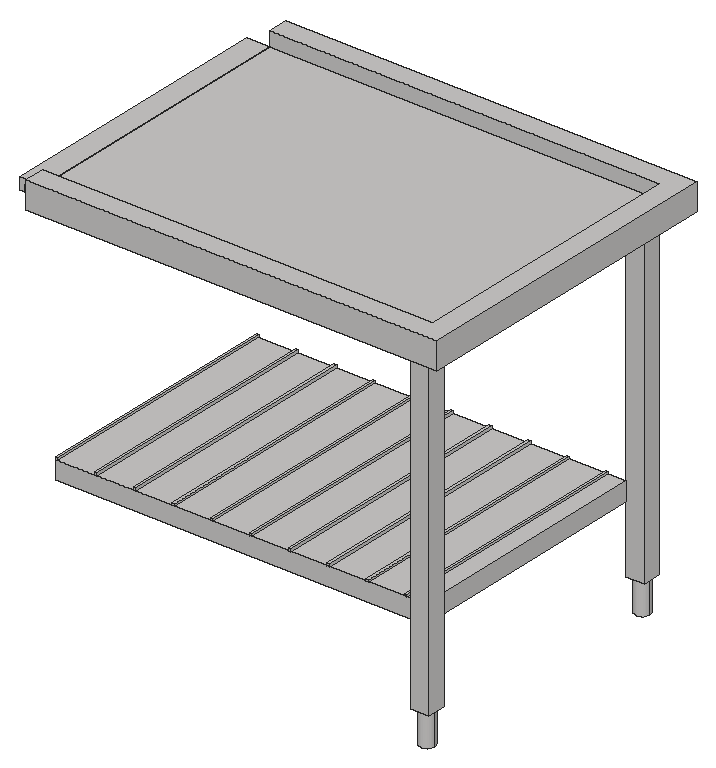
Revit family "QF_ELECTROLUXPROFESSIONAL_865359_BHPUTS09", category Attrezzature speciali, Revit 2020
Family settings
  Quota connettore circolare = Usa diametro
  Tipo di parte = Normale
  Basato su piano di lavoro = No
  Sempre verticale = Sì
  Taglio con vuoti quando caricato = No
  Condiviso = No
  Punto di calcolo locali = No
Parameters (values of type "Standard")
  Weight = 8.00 kg
  Watts = 0 W
  Volts = 0 V
  URL Manufacturer = "https://www.electroluxprofessional.com/"
  URL = "https://www.electroluxprofessional.com/"
  Steam Supply Size = 0 mm
  Steam Supply Minimum Pressure = 0.0 Pa
  Steam Supply Maximum Pressure = 0.0 Pa
  Steam Consumption per Hour = 0
  Refrigeration Suction Line Size = 0 mm
  Refrigeration Liquid Line Size = 0 mm
  Refrigerant Compressor Remote = yes
  Prospetto di default = 0 mm
  Produttore = "Electrolux Professional"
  Phase = 0
  Modello = "BHPUTS09"
  Length Actual = 900 mm  # constant formula
  Item Number = "865359"
  Hot Water Size = 0 mm
  Height Actual = 843 mm  # constant formula
  HP = "0 HP"
  Gas Size = 0 mm
  Gas KW = 0
  Gas Input Pressure = 0 W
  Direct Waste Size = 0 mm
  Descrizione = "UNLOAD.TABLE+GRID UNDERSHELF 900MM-POTW."
  Depth Actual = 712 mm  # constant formula
  Cycle = 0 Hz
  Condensate Return Size = 0 mm
  Compressed Air Volume = 0.0 L/s
  Compressed Air Size = 0 mm
  Compressed Air Pressure = 0.0 Pa
  Cold Water Size = 0 mm
  Accessory = yes
Reference planes
  plane 1 "Back": y = 0
  plane 2: z = 0
  plane 3 "Left": x = 0
Forms (mm)
  Extrusion 1, solid, material "QF_Finishes_Stainless Steel"
    sketch origin (0, 0, 669.604) x (1, 0, 0) y (0, 1, 0)
      loop
        line (0, 0) -> (0, -712) -> (900, -712) -> (900, 0) -> (0, 0)
    from 113.396 to 173.396
  Extrusion 2, void
    sketch origin (100, 2.646, -31.042) x (1, 0, 0) y (0, 1, 0)
      loop
        line (-100, -47.646) -> (-100, -669.646) -> (755, -669.646) -> (755, -47.646) -> (-100, -47.646)
    from 874.042 to 842.042
  Extrusion 3, solid, material "QF_Finishes_Stainless Steel"
    sketch origin (120, 4, 150) x (1, 0, 0) y (0, 1, 0)
      loop
        line (730, -45) -> (690, -45) -> (690, -85) -> (730, -85) -> (730, -45)
    from -80 to 633
  Extrusion 4, solid, material "QF_Finishes_Stainless Steel"
    sketch origin (120, -586, 129.575) x (1, 0, 0) y (0, 1, 0)
      loop
        line (730, -45) -> (690, -45) -> (690, -85) -> (730, -85) -> (730, -45)
    from -59.575 to 653.425
  Extrusion 5, solid, material "QF_Finishes_Stainless Steel"
    sketch origin (120, 4, 0) x (1, 0, 0) y (0, 1, 0)
      loop
        circle (710, -65) r 16
    from 0 to 70
  Extrusion 6, solid, material "QF_Finishes_Stainless Steel"
    sketch origin (120, -586, 0) x (1, 0, 0) y (0, 1, 0)
      loop
        circle (710, -65) r 16
    from 0 to 70
  Extrusion 7, solid, material "QF_Finishes_Stainless Steel"
    sketch origin (0, 0, -67) x (0, 1, 0) y (0, 0, 1)
      loop
        line (-81, 325) -> (-631, 325) -> (-631, 285) -> (-81, 285) -> (-81, 325)
    from 0 to 810
  Extrusion 8, solid, material "QF_Finishes_Stainless Steel"
    sketch origin (-15, 0, 0) x (0, 1, 0) y (0, 0, 1)
      loop
        line (-81, 258) -> (-81, 263) -> (-631, 263) -> (-631, 258) -> (-81, 258)
    from 15 to 20
  Extrusion 9, solid, material "QF_Finishes_Stainless Steel"
    sketch origin (70, 0, 0) x (0, 1, 0) y (0, 0, 1)
      loop
        line (-81, 258) -> (-81, 263) -> (-631, 263) -> (-631, 258) -> (-81, 258)
    from 15 to 20
  Extrusion 10, solid, material "QF_Finishes_Stainless Steel"
    sketch origin (155, 0, 0) x (0, 1, 0) y (0, 0, 1)
      loop
        line (-81, 258) -> (-81, 263) -> (-631, 263) -> (-631, 258) -> (-81, 258)
    from 15 to 20
  Extrusion 11, solid, material "QF_Finishes_Stainless Steel"
    sketch origin (240, 0, 0) x (0, 1, 0) y (0, 0, 1)
      loop
        line (-81, 258) -> (-81, 263) -> (-631, 263) -> (-631, 258) -> (-81, 258)
    from 15 to 20
  Extrusion 12, solid, material "QF_Finishes_Stainless Steel"
    sketch origin (325, 0, 0) x (0, 1, 0) y (0, 0, 1)
      loop
        line (-81, 258) -> (-81, 263) -> (-631, 263) -> (-631, 258) -> (-81, 258)
    from 15 to 20
  Extrusion 13, solid, material "QF_Finishes_Stainless Steel"
    sketch origin (410, 0, 0) x (0, 1, 0) y (0, 0, 1)
      loop
        line (-81, 258) -> (-81, 263) -> (-631, 263) -> (-631, 258) -> (-81, 258)
    from 15 to 20
  Extrusion 14, solid, material "QF_Finishes_Stainless Steel"
    sketch origin (495, 0, 0) x (0, 1, 0) y (0, 0, 1)
      loop
        line (-81, 258) -> (-81, 263) -> (-631, 263) -> (-631, 258) -> (-81, 258)
    from 15 to 20
  Extrusion 15, solid, material "QF_Finishes_Stainless Steel"
    sketch origin (580, 0, 0) x (0, 1, 0) y (0, 0, 1)
      loop
        line (-81, 258) -> (-81, 263) -> (-631, 263) -> (-631, 258) -> (-81, 258)
    from 15 to 20
  Extrusion 16, solid, material "QF_Finishes_Stainless Steel"
    sketch origin (665, 0, 0) x (0, 1, 0) y (0, 0, 1)
      loop
        line (-81, 258) -> (-81, 263) -> (-631, 263) -> (-631, 258) -> (-81, 258)
    from 15 to 20
  Extrusion 17, solid, material "QF_Finishes_Stainless Steel"
    sketch origin (750, 0, 0) x (0, 1, 0) y (0, 0, 1)
      loop
        line (-81, 258) -> (-81, 263) -> (-631, 263) -> (-631, 258) -> (-81, 258)
    from 15 to 20
  Extrusion 18, solid, material "QF_Finishes_Stainless Steel"
    sketch origin (0, 0, 0) x (1, 0, 0) y (0, 0, 1)
      loop
        line (0, 811) -> (-50, 811) -> (-50, 786) -> (-40, 786) -> (-40, 801) -> (0, 801) -> (0, 811)
    from 45 to 667
Cuts and joins
  Extrusion 2 cuts Extrusion 1
Dimensions and locks
  Extrusion 1 to Extrusion 1 = 60 mm
  equal spacing: Extrusion 1, Extrusion 2 sketch curve, Extrusion 2 sketch curve, Extrusion 1
  equal spacing: Extrusion 1, Extrusion 2 sketch curve, Extrusion 1
  Extrusion 2 to Extrusion 2 = 32 mm
  Extrusion 2 to Extrusion 1 = 900 mm
  Extrusion 1 to Extrusion 1 = 712 mm
  level to Extrusion 1 = 843 mm
  aligned and locked: level to plane 2
